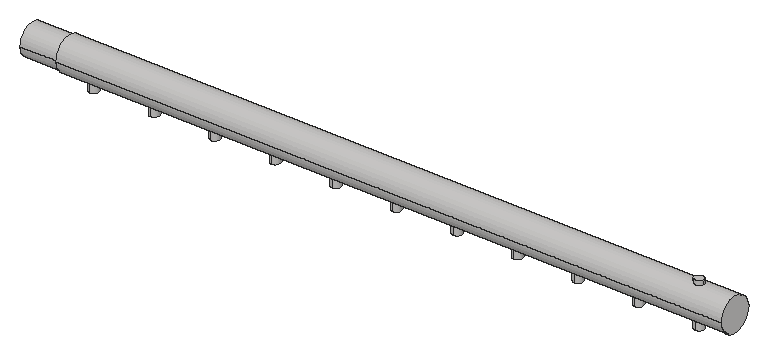
Revit family "BIMLIB_Коллектор_462_11_РОСТерм", category Оборудование, Revit 2017
Family settings
  Размер круглого соединителя = Использовать диаметр
  Тип детали = Нормальный
  На основе рабочей плоскости = Нет
  Всегда вертикально = Да
  При загрузке вырезать с полостями = Нет
  Общий = Нет
  Точка расчета площади = Нет
Parameters (values of type "Коллектор HEIZEN 462 Ду50 на 11 выходов")
  РТ_Шаг = 100 mm
  РТ_l = 100 mm  # constant formula
  РТ_R1 = РТ_R + 5 mm  # 32 mm
  РТ_R = 27 mm
  РТ_R_низ = РТ_DN_низ / 2  # 7.5 mm
  РТ_DN3 = 15 mm  # constant formula
  Описание = "Коллекторы Heizen изготовлены из высококачественной латуни и нержавеющей стали, что исключает риск протечек. Коллекторы могут быть оснащены различными видами арматуры: ручными балансировочными клапанами,ручными запорными клапанами, термостатическими клапанами, расходомерами, воздухоотводчиками и дренажными кранами."
  РТ_DN_низ = 15 mm  # constant formula
  РТ_DN_бок = 50 mm
  Изготовитель = "РОСТерм"  # constant formula
  URL = "http://rostherm.ru/"
  BL_Разработано = "support@bimlib.ru"  # constant formula
  BL_Email = "rostherm@bimlib.ru"  # constant formula
  BL_BIM library = "https://bimlib.pro/manufacturer/rosterm/1632/"
  ADSK_Расход жидкости [instance] = 0.0 L/s
  ADSK_Примечание = ""
  ADSK_Позиция = ""
  ADSK_Обозначение = "ГОСТ 12.2.063-2015"  # constant formula
  ADSK_Наименование краткое = "HEIZEN 462 Ду50"
  ADSK_Наименование = "Коллектор HEIZEN 462 для систем отопения, горячего и холодного водоснабжения сварной Ду50 на 11 выходов"
  ADSK_Материал = BIMLIB_Нержавеющая_сталь_РОСТерм
  ADSK_Масса_Текст = ""
  ADSK_Масса = 0
  ADSK_Марка = "HEIZEN 462"  # constant formula
  ADSK_Код изделия = "462-50-10-11"
  ADSK_Завод-изготовитель = "Heizen"  # constant formula
  ADSK_Единица измерения = "шт."  # constant formula
  ADSK_Версия Revit = "2017"  # constant formula
  ADSK_URL страницы изделия = "http://rostherm.ru/kollektory/"
  ADSK_URL документации изделия = "http://rostherm.ru/"
Types (4, lengths in mm): name | РТ_R1 | РТ_R | РТ_DN_бок | ADSK_Наименование краткое | ADSK_Наименование | ADSK_Код изделия
  Коллектор HEIZEN 462 Ду50 на 11 выходов | 32 | 27 | 50 | "HEIZEN 462 Ду50" | "Коллектор HEIZEN 462 для систем отопения, горячего и холодного водоснабжения сварной Ду50 на 11 выходов" | "462-50-10-11"
  Коллектор HEIZEN 462 Ду40 на 11 выходов | 27 | 22 | 40 | "HEIZEN 462 Ду40" | "Коллектор HEIZEN 462 для систем отопения, горячего и холодного водоснабжения сварной Ду40 на 11 выходов" | "462-40-10-11"
  Коллектор HEIZEN 462 Ду32 на 11 выходов | 23 | 18 | 32 | "HEIZEN 462 Ду32" | "Коллектор HEIZEN 462 для систем отопения, горячего и холодного водоснабжения сварной Ду32 на 11 выходов" | "462-32-10-11"
  Коллектор HEIZEN 462 Ду25 на 11 выходов | 20 | 15 | 25 | "HEIZEN 462 Ду25" | "Коллектор HEIZEN 462 для систем отопения, горячего и холодного водоснабжения сварной Ду25 на 11 выходов" | "462-25-10-11"
Reference planes
  plane 1 "По центру (Вперед/Назад)": y = 0
  plane 2: z = 0
  plane 3 "По центру (Влево/Вправо)": x = 0
  plane 4: x = 100
  plane 5: x = 1185
  plane 6: x = 60
  plane 7: z = 32
Forms (mm)
  Extrusion 1, solid, material "BIMLIB_Нержавеющая_сталь_РОСТерм" <- "ADSK_Материал", detail levels medium+fine
    sketch origin (65, 0, 0) x (0, 1, 0) y (0, 0, 1)
      loop
        circle (0, 0) r 27
    from -5 to 1080
  Sweep 2, solid, material "BIMLIB_Нержавеющая_сталь_РОСТерм" <- "ADSK_Материал", detail levels medium+fine
    path origin (65, 0, 7.5) x (1, 0, 0) y (0, 0, 1)
      loop
        line (35, -7.5) -> (35, -47.5)
    profile origin (100, 0, -20) x (0, -1, 0) y (1, 0, 0)
      loop
        circle (0, 0) r 7.5
  Sweep 3, solid, material "BIMLIB_Нержавеющая_сталь_РОСТерм" <- "ADSK_Материал", detail levels medium+fine
    path origin (163.636, 0, 7.5) x (1, 0, 0) y (0, 0, 1)
      loop
        line (35, -7.5) -> (35, -47.5)
    profile origin (198.636, 0, -20) x (0, -1, 0) y (1, 0, 0)
      loop
        circle (0, 0) r 7.5
  Sweep 4, solid, material "BIMLIB_Нержавеющая_сталь_РОСТерм" <- "ADSK_Материал", detail levels medium+fine
    path origin (262.273, 0, 7.5) x (1, 0, 0) y (0, 0, 1)
      loop
        line (35, -7.5) -> (35, -47.5)
    profile origin (297.273, 0, -20) x (0, -1, 0) y (1, 0, 0)
      loop
        circle (0, 0) r 7.5
  Sweep 5, solid, material "BIMLIB_Нержавеющая_сталь_РОСТерм" <- "ADSK_Материал", detail levels medium+fine
    path origin (360.909, 0, 7.5) x (1, 0, 0) y (0, 0, 1)
      loop
        line (35, -7.5) -> (35, -47.5)
    profile origin (395.909, 0, -20) x (0, -1, 0) y (1, 0, 0)
      loop
        circle (0, 0) r 7.5
  Sweep 6, solid, material "BIMLIB_Нержавеющая_сталь_РОСТерм" <- "ADSK_Материал", detail levels medium+fine
    path origin (459.545, 0, 7.5) x (1, 0, 0) y (0, 0, 1)
      loop
        line (35, -7.5) -> (35, -47.5)
    profile origin (494.545, 0, -20) x (0, -1, 0) y (1, 0, 0)
      loop
        circle (0, 0) r 7.5
  Sweep 7, solid, material "BIMLIB_Нержавеющая_сталь_РОСТерм" <- "ADSK_Материал", detail levels medium+fine
    path origin (558.182, 0, 7.5) x (1, 0, 0) y (0, 0, 1)
      loop
        line (35, -7.5) -> (35, -47.5)
    profile origin (593.182, 0, -20) x (0, -1, 0) y (1, 0, 0)
      loop
        circle (0, 0) r 7.5
  Sweep 8, solid, material "BIMLIB_Нержавеющая_сталь_РОСТерм" <- "ADSK_Материал", detail levels medium+fine
    path origin (656.818, 0, 7.5) x (1, 0, 0) y (0, 0, 1)
      loop
        line (35, -7.5) -> (35, -47.5)
    profile origin (691.818, 0, -20) x (0, -1, 0) y (1, 0, 0)
      loop
        circle (0, 0) r 7.5
  Sweep 9, solid, material "BIMLIB_Нержавеющая_сталь_РОСТерм" <- "ADSK_Материал", detail levels medium+fine
    path origin (755.455, 0, 7.5) x (1, 0, 0) y (0, 0, 1)
      loop
        line (35, -7.5) -> (35, -47.5)
    profile origin (790.455, 0, -20) x (0, -1, 0) y (1, 0, 0)
      loop
        circle (0, 0) r 7.5
  Sweep 10, solid, material "BIMLIB_Нержавеющая_сталь_РОСТерм" <- "ADSK_Материал", detail levels medium+fine
    path origin (854.091, 0, 7.5) x (1, 0, 0) y (0, 0, 1)
      loop
        line (35, -7.5) -> (35, -47.5)
    profile origin (889.091, 0, -20) x (0, -1, 0) y (1, 0, 0)
      loop
        circle (0, 0) r 7.5
  Sweep 11, solid, material "BIMLIB_Нержавеющая_сталь_РОСТерм" <- "ADSK_Материал", detail levels medium+fine
    path origin (952.727, 0, 7.5) x (1, 0, 0) y (0, 0, 1)
      loop
        line (35, -7.5) -> (35, -47.5)
    profile origin (987.727, 0, -20) x (0, -1, 0) y (1, 0, 0)
      loop
        circle (0, 0) r 7.5
  Sweep 12, solid, material "BIMLIB_Нержавеющая_сталь_РОСТерм" <- "ADSK_Материал", detail levels medium+fine
    path origin (1051.364, 0, 7.5) x (1, 0, 0) y (0, 0, 1)
      loop
        line (35, -7.5) -> (35, -47.5)
    profile origin (1086.364, 0, -20) x (0, -1, 0) y (1, 0, 0)
      loop
        circle (0, 0) r 7.5
  Extrusion 13, solid, material "BIMLIB_Нержавеющая_сталь_РОСТерм" <- "ADSK_Материал", detail levels medium+fine
    sketch origin (50, 0, 0) x (0, 1, 0) y (0, 0, 1)
      loop
        circle (0, 0) r 25
    from -50 to 10
  Extrusion 14, solid, material "BIMLIB_Нержавеющая_сталь_РОСТерм" <- "ADSK_Материал", detail levels medium+fine
    sketch origin (-98.636, 0, 0) x (1, 0, 0) y (0, 1, 0)
      loop
        circle (1185, 0) r 7.5
    from 0 to 32
Lines and regions (mm)
  model lines, detail levels coarse
    curve 1: line (0, 0, 0) -> (1145, 0, 0)
    curve 2: line (100, 0, 0) -> (100, 0, -40)
    curve 3: line (198.636, 0, 0) -> (198.636, 0, -40)
    curve 4: line (297.273, 0, 0) -> (297.273, 0, -40)
    curve 5: line (395.909, 0, 0) -> (395.909, 0, -40)
    curve 6: line (494.545, 0, 0) -> (494.545, 0, -40)
    curve 7: line (593.182, 0, 0) -> (593.182, 0, -40)
    curve 8: line (691.818, 0, 0) -> (691.818, 0, -40)
    curve 9: line (790.455, 0, 0) -> (790.455, 0, -40)
    curve 10: line (889.091, 0, 0) -> (889.091, 0, -40)
    curve 11: line (987.727, 0, 0) -> (987.727, 0, -40)
    curve 12: line (1086.364, 0, 0) -> (1086.364, 0, -40)
Dimensions and locks
  "РТ_l": plane 4 to plane 3 "По центру (Влево/Вправо)"
  Sweep 2 sketch curve to Sweep 2 sketch curve = 40 mm
  Sweep 3 sketch curve to Sweep 3 sketch curve = 40 mm
  Sweep 4 sketch curve to Sweep 4 sketch curve = 40 mm
  Sweep 5 sketch curve to Sweep 5 sketch curve = 40 mm
  Sweep 6 sketch curve to Sweep 6 sketch curve = 40 mm
  Sweep 7 sketch curve to Sweep 7 sketch curve = 40 mm
  Sweep 8 sketch curve to Sweep 8 sketch curve = 40 mm
  Sweep 9 sketch curve to Sweep 9 sketch curve = 40 mm
  Sweep 10 sketch curve to Sweep 10 sketch curve = 40 mm
  Sweep 11 sketch curve to Sweep 11 sketch curve = 40 mm
  Sweep 12 sketch curve to Sweep 12 sketch curve = 40 mm
  locked: plane 4 to plane 6 at 40
  "РТ_R1": plane 7 to level
  "РТ_R": radius of Extrusion 1 sketch curve
  "РТ_R_низ": radius of Sweep 2 sketch curve
  "РТ_R_низ": radius of Sweep 3 sketch curve
  "РТ_R_низ": radius of Sweep 4 sketch curve
  "РТ_R_низ": radius of Sweep 5 sketch curve
  "РТ_R_низ": radius of Sweep 6 sketch curve
  "РТ_R_низ": radius of Sweep 7 sketch curve
  "РТ_R_низ": radius of Sweep 8 sketch curve
  "РТ_R_низ": radius of Sweep 9 sketch curve
  "РТ_R_низ": radius of Sweep 10 sketch curve
  "РТ_R_низ": radius of Sweep 11 sketch curve
  "РТ_R_низ": radius of Sweep 12 sketch curve
  "РТ_DN_бок": diameter of Extrusion 13 sketch curve
  "РТ_DN_низ": diameter of Extrusion 14 sketch curve
  aligned and locked: level to plane 2
  aligned and locked: Extrusion 1 to plane 6
  aligned and locked: Extrusion 13 to plane 3 "По центру (Влево/Вправо)"
  aligned and locked: Extrusion 13 to Extrusion 1
  aligned and locked: plane 7 to Extrusion 14
Automatic sketch dimensions
  Sweep 2 sketch curve to profile plane = 0 mm
  profile plane to Sweep 2 sketch curve = 0 mm
  Sweep 3 sketch curve to profile plane = 0 mm
  profile plane to Sweep 3 sketch curve = 0 mm
  Sweep 4 sketch curve to profile plane = 0 mm
  profile plane to Sweep 4 sketch curve = 0 mm
  Sweep 5 sketch curve to profile plane = 0 mm
  profile plane to Sweep 5 sketch curve = 0 mm
  Sweep 6 sketch curve to profile plane = 0 mm
  profile plane to Sweep 6 sketch curve = 0 mm
  Sweep 7 sketch curve to profile plane = 0 mm
  profile plane to Sweep 7 sketch curve = 0 mm
  Sweep 8 sketch curve to profile plane = 0 mm
  profile plane to Sweep 8 sketch curve = 0 mm
  Sweep 9 sketch curve to profile plane = 0 mm
  profile plane to Sweep 9 sketch curve = 0 mm
  Sweep 10 sketch curve to profile plane = 0 mm
  profile plane to Sweep 10 sketch curve = 0 mm
  Sweep 11 sketch curve to profile plane = 0 mm
  profile plane to Sweep 11 sketch curve = 0 mm
  Sweep 12 sketch curve to profile plane = 0 mm
  profile plane to Sweep 12 sketch curve = 0 mm
  Extrusion 1 sketch curve to level = 0 mm
  Extrusion 1 sketch curve to plane 1 "По центру (Вперед/Назад)" = 0 mm
  curve 1 to level = 0 mm
  curve 1 to plane 3 "По центру (Влево/Вправо)" = 0 mm
  curve 2 to plane 4 = 0 mm
  plane 4 to curve 3 = 98.636 mm
  curve 4 to level = 40 mm
  curve 3 to curve 4 = 98.636 mm
  curve 4 to curve 5 = 98.636 mm
  curve 5 to curve 6 = 98.636 mm
  curve 7 to level = 40 mm
  curve 6 to curve 7 = 98.636 mm
  curve 7 to curve 8 = 98.636 mm
  curve 8 to curve 9 = 98.636 mm
  curve 9 to curve 10 = 98.636 mm
  curve 10 to curve 11 = 98.636 mm
  curve 12 to level = 40 mm
  curve 12 to plane 5 = 98.636 mm
  curve 1 to plane 5 = 40 mm
  curve 11 to curve 11 = 40 mm
  curve 5 to curve 5 = 40 mm
  curve 6 to curve 6 = 40 mm
  curve 3 to curve 3 = 40 mm
  curve 8 to curve 8 = 40 mm
  curve 2 to curve 2 = 40 mm
  curve 9 to curve 9 = 40 mm
  curve 10 to curve 10 = 40 mm
  plane 1 "По центру (Вперед/Назад)" to Extrusion 14 sketch curve = 0 mm
  Extrusion 14 sketch curve to plane 5 = 98.636 mm
  Extrusion 13 sketch curve to level = 0 mm
  Extrusion 13 sketch curve to plane 1 "По центру (Вперед/Назад)" = 0 mm
Connectors
  piping at (100, 0, -40), diameter 15, driven by "РТ_DN_низ", driven by "ADSK_Расход жидкости"
    settings: on Sweep 2, index 3, connector inside diameter 609.6 mm, connector length 0 mm, flow factor 0, pipe flow 0.0 L/s, pressure drop 0.0 Pa, fitting loss kfactor 0, connector angle 0.00°, fixture units 0, engagement length 0 mm, angle of deflection 0.00°, flow configuration 0, flow direction 2, fitting loss method 0, system type 7, joint type 0, gender type 0, connector reference index -1, connector utility 0, adjustable connector no, is connector primary yes, connector description ""
  piping at (198.636, 0, -40), diameter 15, driven by "РТ_DN_низ", driven by "ADSK_Расход жидкости"
    settings: on Sweep 3, index 4, connector inside diameter 609.6 mm, connector length 0 mm, flow factor 0, pipe flow 0.0 L/s, pressure drop 0.0 Pa, fitting loss kfactor 0, connector angle 0.00°, fixture units 0, engagement length 0 mm, angle of deflection 0.00°, flow configuration 0, flow direction 2, fitting loss method 0, system type 7, joint type 0, gender type 0, connector reference index -1, connector utility 0, adjustable connector no, is connector primary no, connector description ""
  piping at (297.273, 0, -40), diameter 15, driven by "РТ_DN_низ", driven by "ADSK_Расход жидкости"
    settings: on Sweep 4, index 5, connector inside diameter 609.6 mm, connector length 0 mm, flow factor 0, pipe flow 0.0 L/s, pressure drop 0.0 Pa, fitting loss kfactor 0, connector angle 0.00°, fixture units 0, engagement length 0 mm, angle of deflection 0.00°, flow configuration 0, flow direction 2, fitting loss method 0, system type 7, joint type 0, gender type 0, connector reference index -1, connector utility 0, adjustable connector no, is connector primary no, connector description ""
  piping at (395.909, 0, -40), diameter 15, driven by "РТ_DN_низ", driven by "ADSK_Расход жидкости"
    settings: on Sweep 5, index 6, connector inside diameter 609.6 mm, connector length 0 mm, flow factor 0, pipe flow 0.0 L/s, pressure drop 0.0 Pa, fitting loss kfactor 0, connector angle 0.00°, fixture units 0, engagement length 0 mm, angle of deflection 0.00°, flow configuration 0, flow direction 2, fitting loss method 0, system type 7, joint type 0, gender type 0, connector reference index -1, connector utility 0, adjustable connector no, is connector primary no, connector description ""
  piping at (494.545, 0, -40), diameter 15, driven by "РТ_DN_низ", driven by "ADSK_Расход жидкости"
    settings: on Sweep 6, index 27, connector inside diameter 609.6 mm, connector length 0 mm, flow factor 0, pipe flow 0.0 L/s, pressure drop 0.0 Pa, fitting loss kfactor 0, connector angle 0.00°, fixture units 0, engagement length 0 mm, angle of deflection 0.00°, flow configuration 0, flow direction 2, fitting loss method 0, system type 7, joint type 0, gender type 0, connector reference index -1, connector utility 0, adjustable connector no, is connector primary no, connector description ""
  piping at (593.182, 0, -40), diameter 15, driven by "РТ_DN_низ", driven by "ADSK_Расход жидкости"
    settings: on Sweep 7, index 29, connector inside diameter 609.6 mm, connector length 0 mm, flow factor 0, pipe flow 0.0 L/s, pressure drop 0.0 Pa, fitting loss kfactor 0, connector angle 0.00°, fixture units 0, engagement length 0 mm, angle of deflection 0.00°, flow configuration 0, flow direction 2, fitting loss method 0, system type 7, joint type 0, gender type 0, connector reference index -1, connector utility 0, adjustable connector no, is connector primary no, connector description ""
  piping at (691.818, 0, -40), diameter 15, driven by "РТ_DN_низ", driven by "ADSK_Расход жидкости"
    settings: on Sweep 8, index 31, connector inside diameter 609.6 mm, connector length 0 mm, flow factor 0, pipe flow 0.0 L/s, pressure drop 0.0 Pa, fitting loss kfactor 0, connector angle 0.00°, fixture units 0, engagement length 0 mm, angle of deflection 0.00°, flow configuration 0, flow direction 2, fitting loss method 0, system type 7, joint type 0, gender type 0, connector reference index -1, connector utility 0, adjustable connector no, is connector primary no, connector description ""
  piping at (790.455, 0, -40), diameter 15, driven by "РТ_DN_низ", driven by "ADSK_Расход жидкости"
    settings: on Sweep 9, index 33, connector inside diameter 609.6 mm, connector length 0 mm, flow factor 0, pipe flow 0.0 L/s, pressure drop 0.0 Pa, fitting loss kfactor 0, connector angle 0.00°, fixture units 0, engagement length 0 mm, angle of deflection 0.00°, flow configuration 0, flow direction 2, fitting loss method 0, system type 7, joint type 0, gender type 0, connector reference index -1, connector utility 0, adjustable connector no, is connector primary no, connector description ""
  piping at (889.091, 0, -40), diameter 15, driven by "РТ_DN_низ", driven by "ADSK_Расход жидкости"
    settings: on Sweep 10, index 35, connector inside diameter 609.6 mm, connector length 0 mm, flow factor 0, pipe flow 0.0 L/s, pressure drop 0.0 Pa, fitting loss kfactor 0, connector angle 0.00°, fixture units 0, engagement length 0 mm, angle of deflection 0.00°, flow configuration 0, flow direction 2, fitting loss method 0, system type 7, joint type 0, gender type 0, connector reference index -1, connector utility 0, adjustable connector no, is connector primary no, connector description ""
  piping at (987.727, 0, -40), diameter 15, driven by "РТ_DN_низ", driven by "ADSK_Расход жидкости"
    settings: on Sweep 11, index 36, connector inside diameter 609.6 mm, connector length 0 mm, flow factor 0, pipe flow 0.0 L/s, pressure drop 0.0 Pa, fitting loss kfactor 0, connector angle 0.00°, fixture units 0, engagement length 0 mm, angle of deflection 0.00°, flow configuration 0, flow direction 2, fitting loss method 0, system type 7, joint type 0, gender type 0, connector reference index -1, connector utility 0, adjustable connector no, is connector primary no, connector description ""
  piping at (1086.364, 0, -40), diameter 15, driven by "РТ_DN_низ", driven by "ADSK_Расход жидкости"
    settings: on Sweep 12, index 37, connector inside diameter 609.6 mm, connector length 0 mm, flow factor 0, pipe flow 0.0 L/s, pressure drop 0.0 Pa, fitting loss kfactor 0, connector angle 0.00°, fixture units 0, engagement length 0 mm, angle of deflection 0.00°, flow configuration 0, flow direction 2, fitting loss method 0, system type 7, joint type 0, gender type 0, connector reference index -1, connector utility 0, adjustable connector no, is connector primary no, connector description ""
  piping at (0, 0, 0), diameter 50, driven by "РТ_DN_бок", driven by "ADSK_Расход жидкости"
    settings: on Extrusion 13, index 38, connector inside diameter 609.6 mm, connector length 0 mm, flow factor 0, pipe flow 0.0 L/s, pressure drop 0.0 Pa, fitting loss kfactor 0, connector angle 0.00°, fixture units 0, engagement length 0 mm, angle of deflection 0.00°, flow configuration 0, flow direction 1, fitting loss method 0, system type 7, joint type 0, gender type 0, connector reference index -1, connector utility 0, adjustable connector no, is connector primary no, connector description ""
  piping at (1086.364, 0, 32), diameter 15, driven by "РТ_DN3", driven by "ADSK_Расход жидкости"
    settings: on Extrusion 14, index 39, connector inside diameter 609.6 mm, connector length 0 mm, flow factor 0, pipe flow 0.0 L/s, pressure drop 0.0 Pa, fitting loss kfactor 0, connector angle 0.00°, fixture units 0, engagement length 0 mm, angle of deflection 0.00°, flow configuration 0, flow direction 0, fitting loss method 0, system type 29, joint type 0, gender type 0, connector reference index -1, connector utility 0, adjustable connector no, is connector primary no, connector description ""
